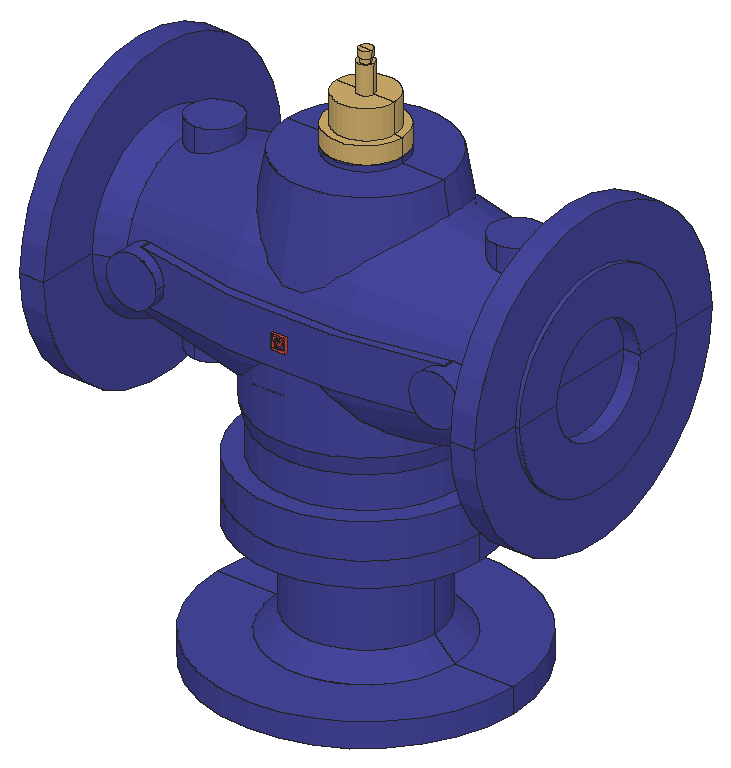
Revit family "Regelventil 4037", category Rohrzubehör, Revit 2019
Family settings
  Bemaßung runder Anschluss = Durchmesser verwenden
  Teiletyp = Unterbricht
  OmniClass-Nummer = 23.65.55.14
  OmniClass-Titel = Valves for Liquid Services
  Arbeitsebenenbasiert = Nein
  Immer vertikal = Ja
  Beim Laden mit Abzugskörper schneiden = Nein
  Gemeinsam genutzt = Nein
Parameters (values of type "kvs63")
  kvs63 = yes
  kvs6.3 = no
  kvs40 = no
  kvs4 = no
  kvs330 = no
  kvs250 = no
  kvs25 = no
  kvs2.5 = no
  kvs160 = no
  kvs16 = no
  kvs100 = no
  kvs10 = no
  kvs1.6 = no
  kvs1 = no
  Ventilsitz = "WN1.4021"  # constant formula
  Ventilkegel = "WN1.4021/Messing"  # constant formula
  Ventilcharakteristik = "gleichprozentig"  # constant formula
  URL = "www.herz-armaturen.at"
  Spindel = "WN1.4404"  # constant formula
  SCTWSEQ = "FW;SBT_TYP_FW=\"101\";3"
  SCTWCODE = "04;05;03"  # constant formula
  SCRNSEQ = "ARM;ARM_TYP=\"MISV\";3"
  SCRNCODE = "05;18;03"  # constant formula
  R14 = 4 mm  # constant formula
  R13 = 3 mm  # constant formula
  R12 = 5 mm  # constant formula
  R11 [instance] = size_lookup("4037_", "R11", 18 mm, Nennweite)  # 18 mm
  R10 [instance] = size_lookup("4037_", "R10", 23 mm, Nennweite)  # 23 mm
  R09 [instance] = size_lookup("4037_", "R9", 49 mm, Nennweite)  # 49 mm
  R08 [instance] = R00 + 3 mm  # 68 mm
  R07 [instance] = size_lookup("4037_", "R7", 15.5 mm, Nennweite)  # 15.5 mm
  R06 [instance] = size_lookup("4037_", "R6", 15.5 mm, Nennweite)  # 15.5 mm
  R05 [instance] = size_lookup("4037_", "R5", 62.5 mm, Nennweite)  # 62.5 mm
  R04 [instance] = size_lookup("4037_", "R4", 59.5 mm, Nennweite)  # 59.5 mm
  R03 [instance] = size_lookup("4037_", "R3", 43 mm, Nennweite)  # 71 mm
  R02 [instance] = size_lookup("4037_", "R2", 43 mm, Nennweite)  # 43 mm
  R01 [instance] = size_lookup("4037_", "R1", 55.5 mm, Nennweite)  # 55.5 mm
  R00 [instance] = size_lookup("4037_", "R", 65 mm, Nennweite)  # 65 mm
  PN = 16  # constant formula
  Nennweite [instance] = 65 mm
  Min. Betriebstemperatur = 5 °C  # constant formula
  Medium = "Wasserbeschaffenheit gemäß ÖNORM H 5195 und VDI 2035."
  Max. Betriebstemperatur = 150 °C  # constant formula
  Max. Betriebsdruck = 1600000.0 Pa  # constant formula
  LO1 [instance] = size_lookup("4037_", "LO1", 28.5 mm, Nennweite)  # 68 mm
  L07 [instance] = L06 - R06  # 94.5 mm
  L06 [instance] = size_lookup("4037_", "L6", 110 mm, Nennweite)  # 110 mm
  L05 [instance] = D00  # 92.5 mm
  L04 = 12.5 mm  # constant formula
  L03 = 10 mm  # constant formula
  L02 [instance] = size_lookup("4037_", "L2", 15 mm, Nennweite)  # 15 mm
  L01 = 3 mm  # constant formula
  L00 [instance] = size_lookup("4037_", "L", 145 mm, Nennweite)  # 145 mm
  Hersteller = "Herz-Armaturen GmbH"  # constant formula
  H16 [instance] = size_lookup("4037_", "H16", 22 mm, Nennweite)  # 22 mm
  H15 = 4 mm  # constant formula
  H14 [instance] = size_lookup("4037_", "H14", 17 mm, Nennweite)  # 17 mm
  H13 [instance] = size_lookup("4037_", "H13", 18 mm, Nennweite)  # 18 mm
  H12 [instance] = size_lookup("4037_", "H12", 10.5 mm, Nennweite)  # 10.5 mm
  H11 [instance] = size_lookup("4037_", "H11", 52.5 mm, Nennweite)  # 52.5 mm
  H10 [instance] = size_lookup("4037_", "H10", 135.4 mm, Nennweite)  # 135.4 mm
  H09 = 3 mm  # constant formula
  H08 [instance] = size_lookup("4037_", "H8", 79 mm, Nennweite)  # 79 mm
  H07 [instance] = R00  # 65 mm
  H06 [instance] = size_lookup("4037_", "H6", 59 mm, Nennweite)  # 59 mm
  H05 [instance] = size_lookup("4037_", "H5", 20 mm, Nennweite)  # 20 mm
  H04 [instance] = size_lookup("4037_", "H4", 17 mm, Nennweite)  # 17 mm
  H02 [instance] = size_lookup("4037_", "H2", 38 mm, Nennweite)  # 38 mm
  H01 [instance] = size_lookup("4037_", "H1", 208 mm, Nennweite)  # 208 mm
  H03 [instance] = size_lookup("4037_", "H3", 112 mm, Nennweite)  # 112 mm
  Gewicht [instance] = size_lookup("4037_", "Gewicht", 25, Nennweite)  # 25
  Gehäuse = "EN-GJL-250 (EN 1561)"  # constant formula
  Dichtungsmaterial = "70EPDM"  # constant formula
  DN80 [instance] = Nennweite = 80 mm  # no
  DN65 [instance] = Nennweite = 65 mm  # yes
  DN50 [instance] = Nennweite = 50 mm  # no
  DN40 [instance] = Nennweite = 40 mm  # no
  DN32 [instance] = Nennweite = 32 mm  # no
  DN25 [instance] = Nennweite = 25 mm  # no
  DN150 [instance] = Nennweite = 150 mm  # no
  DN15 [instance] = Nennweite = 15 mm  # no
  DN125 [instance] = Nennweite = 125 mm  # no
  DN100 [instance] = Nennweite = 100 mm  # no
  D02 [instance] = Nennweite / 2  # 32.5 mm
  D01 [instance] = size_lookup("4037_", "D1", 61 mm, Nennweite)  # 61 mm
  D00 [instance] = size_lookup("4037_", "D", 92.5 mm, Nennweite)  # 92.5 mm
  Bestellnummer [instance] = if(and(kvs1, Nennweite = 15 mm), 403701, if(and(kvs1.6, Nennweite = 15 mm), 403711, if(and(kvs2.5, Nennweite = 15 mm), 403721, if(and(kvs4, Nennweite = 15 mm), 403731, if(and(kvs6.3, Nennweite = 25 mm), 403703, if(and(kvs10, Nennweite = 25 mm), 403713, if(and(kvs16, Nennweite = 32 mm), 403704, if(and(kvs25, Nennweite = 40 mm), 403705, if(and(kvs40, Nennweite = 50 mm), 403706, if(and(kvs63, Nennweite = 65 mm), 403707, if(and(kvs100, Nennweite = 80 mm), 403708, if(and(kvs160, Nennweite = 100 mm), 403709, if(and(kvs250, Nennweite = 125 mm), 403710, if(and(kvs330, Nennweite = 150 mm), 403741, 0))))))))))))))  # 403707
  Anwendungsgebiet = "Das Ventil kann in nahezu allen Heizungs-, Lüftungs- und Klimaanlagen sowie für industrielle und technologische\r\nProzesse eingesetzt werden. Das 3-Wege-Flanschventil ist als Mischventil konzipiert. Es kann zum Mischen oder\r\nzur Umschaltung zwischen zwei eintretenden Mediumsströmen verwendet werden. Die Ventilcharakteristik ist\r\ngleichprozentig. Das Regelungsverhältnis (Verhältnis zwischen nominalem und minimalem Durchfluss) beträgt 30:1. Die\r\nAuswahl des Dreiwege-Flanschventils erfolgt entsprechend dem Diagramm über die kvs-Werte."
  Anschlussflansch = "EN 1092-2"  # constant formula
Types (15, lengths in mm): name | kvs63 | kvs6.3 | kvs40 | kvs4 | kvs330 | kvs250 | kvs25 | kvs2.5 | kvs160 | kvs16 | kvs100 | kvs10 | kvs1.6 | kvs1 | R11 | R10 | R09 | R08 | R07 | R06 | R05 | R04 | R03 | R02 | R01 | R00 | Nennweite | LO1 | L07 | L06 | L05 | L02 | L00 | H16 | H14 | H13 | H12 | H11 | H10 | H08 | H07 | H06 | H05 | H04 | H02 | H01 | H03 | Gewicht | DN80 | DN65 | DN50 | DN40 | DN32 | DN25 | DN150 | DN15 | DN125 | DN100 | D02 | D01 | D00 | Bestellnummer
  (no name) | yes | no | no | no | no | no | no | no | no | no | no | no | no | no | 18 | 23 | 49 | 68 | 15.5 | 15.5 | 62.5 | 59.5 | 71 | 43 | 55.5 | 65 | 65 | 68 | 94.5 | 110 | 92.5 | 15 | 145 | 22 | 17 | 18 | 10.5 | 52.5 | 135.4 | 79 | 65 | 59 | 20 | 17 | 38 | 208 | 112 | 25 | no | yes | no | no | no | no | no | no | no | no | 32.5 | 61 | 92.5 | 403707
  kvs1 | no | no | no | no | no | no | no | no | no | no | no | no | no | yes | 10 | 15 | 19.5 | 29.5 | 6 | 6 | 24 | 21 | 32.5 | 14 | 17 | 26.5 | 15 | 27.5 | 34 | 40 | 47.5 | 11 | 65 | 18 | 13 | 14 | 6.8 | 40.8 | 80.3 | 36.5 | 26.5 | 24.5 | 5 | 13 | 11 | 110 | 49 | 5 | no | no | no | no | no | no | no | yes | no | no | 7.5 | 22.5 | 47.5 | 403701
  kvs1.6 | no | no | no | no | no | no | no | no | no | no | no | no | yes | no | 10 | 15 | 19.5 | 29.5 | 6 | 6 | 24 | 21 | 32.5 | 14 | 17 | 26.5 | 15 | 27.5 | 34 | 40 | 47.5 | 11 | 65 | 18 | 13 | 14 | 6.8 | 40.8 | 80.3 | 36.5 | 26.5 | 24.5 | 5 | 13 | 11 | 110 | 49 | 5 | no | no | no | no | no | no | no | yes | no | no | 7.5 | 22.5 | 47.5 | 403711
  kvs2.5 | no | no | no | no | no | no | no | yes | no | no | no | no | no | no | 10 | 15 | 19.5 | 29.5 | 6 | 6 | 24 | 21 | 32.5 | 14 | 17 | 26.5 | 15 | 27.5 | 34 | 40 | 47.5 | 11 | 65 | 18 | 13 | 14 | 6.8 | 40.8 | 80.3 | 36.5 | 26.5 | 24.5 | 5 | 13 | 11 | 110 | 49 | 5 | no | no | no | no | no | no | no | yes | no | no | 7.5 | 22.5 | 47.5 | 403721
  kvs4 | no | no | no | yes | no | no | no | no | no | no | no | no | no | no | 10 | 15 | 19.5 | 29.5 | 6 | 6 | 24 | 21 | 32.5 | 14 | 17 | 26.5 | 15 | 27.5 | 34 | 40 | 47.5 | 11 | 65 | 18 | 13 | 14 | 6.8 | 40.8 | 80.3 | 36.5 | 26.5 | 24.5 | 5 | 13 | 11 | 110 | 49 | 5 | no | no | no | no | no | no | no | yes | no | no | 7.5 | 22.5 | 47.5 | 403731
  kvs6.3 | no | yes | no | no | no | no | no | no | no | no | no | no | no | no | 10 | 15 | 19.5 | 41 | 7 | 7 | 35.5 | 32.5 | 44 | 19.5 | 28.5 | 38 | 25 | 40 | 45 | 52 | 57.5 | 13 | 80 | 20 | 13 | 14 | 6.8 | 40.8 | 88.3 | 44.5 | 38 | 35 | 5 | 15 | 3 | 121 | 64 | 8 | no | no | no | no | no | yes | no | no | no | no | 12.5 | 34 | 57.5 | 403703
  kvs10 | no | no | no | no | no | no | no | no | no | no | no | yes | no | no | 10 | 15 | 19.5 | 41 | 7 | 7 | 35.5 | 32.5 | 44 | 19.5 | 28.5 | 38 | 25 | 40 | 45 | 52 | 57.5 | 13 | 80 | 20 | 13 | 14 | 6.8 | 40.8 | 88.3 | 44.5 | 38 | 35 | 5 | 15 | 3 | 121 | 64 | 8 | no | no | no | no | no | yes | no | no | no | no | 12.5 | 34 | 57.5 | 403713
  kvs16 | no | no | no | no | no | no | no | no | no | yes | no | no | no | no | 10 | 15 | 20.5 | 46 | 9 | 9 | 40.5 | 37.5 | 49 | 24.5 | 33.5 | 43 | 32 | 45 | 51 | 60 | 70 | 13 | 90 | 20 | 17 | 18 | 10.5 | 52.5 | 102 | 46.5 | 43 | 39 | 15 | 15 | 4 | 142 | 84 | 11.5 | no | no | no | no | yes | no | no | no | no | no | 16 | 39 | 70 | 403704
  kvs25 | no | no | no | no | no | no | yes | no | no | no | no | no | no | no | 10 | 15 | 20.5 | 51 | 12 | 12 | 45.5 | 42.5 | 54 | 29 | 38.5 | 48 | 40 | 50 | 56 | 68 | 75 | 13 | 100 | 20 | 17 | 18 | 10.5 | 52.5 | 112 | 56.5 | 48 | 43 | 20 | 15 | 1 | 149 | 94 | 13 | no | no | no | yes | no | no | no | no | no | no | 20 | 44 | 75 | 403705
  kvs63 | yes | no | no | no | no | no | no | no | no | no | no | no | no | no | 18 | 23 | 49 | 68 | 15.5 | 15.5 | 62.5 | 59.5 | 71 | 43 | 55.5 | 65 | 65 | 68 | 94.5 | 110 | 92.5 | 15 | 145 | 22 | 17 | 18 | 10.5 | 52.5 | 135.4 | 79 | 65 | 59 | 20 | 17 | 38 | 208 | 112 | 25 | no | yes | no | no | no | no | no | no | no | no | 32.5 | 61 | 92.5 | 403707
  kvs100 | no | no | no | no | no | no | no | no | no | no | yes | no | no | no | 18 | 23 | 49 | 76 | 15.5 | 15.5 | 70.5 | 67.5 | 79 | 51 | 63.5 | 73 | 80 | 77 | 99.5 | 115 | 100 | 17 | 155 | 24 | 17 | 18 | 10.5 | 52.5 | 168.5 | 113 | 73 | 65 | 20 | 19 | 46 | 233 | 125 | 31 | yes | no | no | no | no | no | no | no | no | no | 40 | 69 | 100 | 403708
  kvs160 | no | no | no | no | no | no | no | no | yes | no | no | no | no | no | 30 | 35 | 61 | 86 | 20.5 | 20.5 | 80.5 | 77.5 | 89 | 61 | 73.5 | 83 | 100 | 88 | 112.5 | 133 | 110 | 17 | 175 | 24 | 21 | 22 | 14.2 | 64.2 | 189.7 | 122.5 | 83 | 73 | 25 | 19 | 65 | 262 | 135 | 46 | no | no | no | no | no | no | no | no | no | yes | 50 | 79 | 110 | 403709
  kvs250 | no | no | no | no | no | yes | no | no | no | no | no | no | no | no | 30 | 35 | 61 | 101 | 20.5 | 20.5 | 95.5 | 92.5 | 104 | 76 | 88.5 | 98 | 125 | 103 | 134.5 | 155 | 125 | 19 | 200 | 26 | 21 | 22 | 14.2 | 64.2 | 231 | 163.5 | 98 | 80 | 30 | 21 | 44 | 268 | 158 | 72 | no | no | no | no | no | no | no | no | yes | no | 62.5 | 94 | 125 | 403710
  kvs330 | no | no | no | no | yes | no | no | no | no | no | no | no | no | no | 30 | 35 | 61 | 113 | 20.5 | 20.5 | 107.5 | 104.5 | 116 | 88 | 100.5 | 110 | 150 | 115 | 174.5 | 195 | 142.5 | 19 | 240 | 26 | 21 | 22 | 14.2 | 64.2 | 237.5 | 170 | 110 | 85 | 25 | 21 | 42 | 261 | 153 | 91 | no | no | no | no | no | no | yes | no | no | no | 75 | 106 | 142.5 | 403741
  kvs40 | no | no | yes | no | no | no | no | no | no | no | no | no | no | no | 18 | 23 | 49 | 56 | 13.5 | 13.5 | 52.5 | 49.5 | 61 | 34 | 45.5 | 53 | 50 | 56 | 66.5 | 80 | 82.5 | 15 | 115 | 20 | 17 | 18 | 10.5 | 52.5 | 122 | 66.5 | 53 | 43 | 1 | 15 | 42 | 167 | 67 | 16 | no | no | yes | no | no | no | no | no | no | no | 25 | 51 | 82.5 | 403706
Reference planes
  plane 1 "Mitte (Vorne/hinten)": y = 0
  plane 2: z = 0
  plane 3 "Mitte (Links/rechts)": x = 0
Forms (mm)
  Revolve 1, solid, material "kunststoff-BLAU", detail levels fine
    sketch origin (1065, 0, 0) x (1, 0, 0) y (0, 1, 0)
      loop
        line (-1207, 61) -> (-1210, 61) -> (-1210, 32.5) -> (-1200, 32.5) -> (-1200, 0) -> (-930, 0) -> (-930, 32.5) -> (-920, 32.5) -> (-920, 61) -> (-923, 61) -> (-923, 92.5) -> (-938, 92.5) -> (-938, 55.5) -> (-955, 49.943)
        arc (-955, 49.943) -> (-1065, 65) -> (-1175, 49.943) r 409.331
        line (-1175, 49.943) -> (-1192, 55.5) -> (-1192, 92.5) -> (-1207, 92.5) -> (-1207, 61)
      axis (-920, 0) -> (-1210, 0)
    angle from 0 to 360
  Extrusion 2, solid, material "kunststoff-BLAU", detail levels fine
    sketch origin (0, 0, 0) x (-1, 0, 0) y (0, 0, -1)
      loop
        circle (94.5, 0) r 15.5
      loop
        circle (-94.5, 0) r 15.5
    from -65 to 65
  Extrusion 3, solid, material "kunststoff-BLAU", visible <- "DN65", detail levels fine
    sketch origin (0, 0, 0) x (1, 0, 0) y (0, 1, 0)
      loop
        arc (-95, -56.907) -> (0, -68) -> (95, -56.907) r 412.331
        line (95, -56.907) -> (95, 56.907)
        arc (95, 56.907) -> (0, 68) -> (-95, 56.907) r 412.331
        line (-95, 56.907) -> (-95, -56.907)
    from -15.5 to 15.5
  Revolve 4, solid, material "kunststoff-BLAU", detail levels fine
    sketch origin (0, 0, 0) x (1, 0, 0) y (0, 0, 1)
      loop
        line (-49, 79) -> (-62.5, 0) -> (0, 0) -> (0, 82) -> (-23, 82) -> (-23, 79) -> (-49, 79)
      axis (0, 82) -> (0, 0)
    angle from 0 to 360
  Revolve 5, solid, material "kunststoff-BLAU", detail levels fine
    sketch origin (0, 0, 0) x (1, 0, 0) y (0, 0, 1)
      loop
        line (0, 0) -> (-62.5, 0) -> (-62.5, -59) -> (-59.5, -70) -> (-59.5, -90) -> (-71, -90) -> (-71, -112) -> (0, -112) -> (0, 0)
      axis (0, 0) -> (0, -112)
    angle from 0 to 360
  Revolve 6, solid, material "kunststoff-BLAU", detail levels fine
    sketch origin (0, 0, 0) x (1, 0, 0) y (0, 0, 1)
      loop
        line (-61, -205) -> (-61, -208) -> (-32.5, -208) -> (-32.5, -198) -> (0, -198) -> (0, -112) -> (-71, -112) -> (-71, -127) -> (-55.5, -127) -> (-43, -139.5) -> (-43, -177.5) -> (-55.5, -190) -> (-92.5, -190) -> (-92.5, -205) -> (-61, -205)
      axis (0, -112) -> (0, -208)
    angle from 0 to 360
  Extrusion 7, solid, material "kunststoff-BLAU", detail levels fine
    sketch origin (0, 0, 0) x (0, -1, 0) y (1, 0, 0)
      loop
        circle (0, -94.5) r 15.5
      loop
        circle (0, 94.5) r 15.5
    from -65 to 65
  Extrusion 8, solid, material "kunststoff-BLAU", visible <- "DN150", detail levels fine
    sketch origin (0, 0, 0) x (1, 0, 0) y (0, 1, 0)
      loop
        arc (-179.5, -78.475) -> (0, -115) -> (179.5, -78.475) r 459.331
        line (179.5, -78.475) -> (179.5, 78.475)
        arc (179.5, 78.475) -> (0, 115) -> (-179.5, 78.475) r 459.331
        line (-179.5, 78.475) -> (-179.5, -78.475)
    from -20.5 to 20.5
  Extrusion 9, solid, material "kunststoff-BLAU", visible <- "DN125", detail levels fine
    sketch origin (0, 0, 0) x (1, 0, 0) y (0, 1, 0)
      loop
        arc (-134.5, -82.301) -> (0, -103) -> (134.5, -82.301) r 447.331
        line (134.5, -82.301) -> (134.5, 82.301)
        arc (134.5, 82.301) -> (0, 103) -> (-134.5, 82.301) r 447.331
        line (-134.5, 82.301) -> (-134.5, -82.301)
    from -20.5 to 20.5
  Extrusion 10, solid, material "kunststoff-BLAU", visible <- "DN100", detail levels fine
    sketch origin (0, 0, 0) x (1, 0, 0) y (0, 1, 0)
      loop
        arc (-112.5, -73.106) -> (0, -88) -> (112.5, -73.106) r 432.331
        line (112.5, -73.106) -> (112.5, 73.106)
        arc (112.5, 73.106) -> (0, 88) -> (-112.5, 73.106) r 432.331
        line (-112.5, 73.106) -> (-112.5, -73.106)
    from -20.5 to 20.5
  Extrusion 11, solid, material "kunststoff-BLAU", visible <- "DN80", detail levels fine
    sketch origin (0, 0, 0) x (1, 0, 0) y (0, 1, 0)
      loop
        line (99.5, -65.083) -> (99.5, 65.083)
        arc (99.5, 65.083) -> (0, 77) -> (-99.5, 65.083) r 421.331
        line (-99.5, 65.083) -> (-99.5, -65.083)
        arc (-99.5, -65.083) -> (0, -77) -> (99.5, -65.083) r 421.331
    from -15.5 to 15.5
  Extrusion 12, solid, material "kunststoff-BLAU", visible <- "DN50", detail levels fine
    sketch origin (0, 0, 0) x (1, 0, 0) y (0, 1, 0)
      loop
        arc (-66.5, -50.44) -> (0, -56.006) -> (66.5, -50.44) r 400.05
        line (66.5, -50.44) -> (66.5, 50.44)
        arc (66.5, 50.44) -> (0, 56.006) -> (-66.5, 50.44) r 400.05
        line (-66.5, 50.44) -> (-66.5, -50.44)
    from -13.5 to 13.5
  Extrusion 13, solid, material "kunststoff-BLAU", visible <- "DN40", detail levels fine
    sketch origin (0, 0, 0) x (1, 0, 0) y (0, 1, 0)
      loop
        arc (-56, -46.003) -> (0, -50) -> (56, -46.003) r 394.331
        line (56, -46.003) -> (56, 46.003)
        arc (56, 46.003) -> (0, 50) -> (-56, 46.003) r 394.331
        line (-56, 46.003) -> (-56, -46.003)
    from -12 to 12
  Extrusion 14, solid, material "kunststoff-BLAU", visible <- "DN32", detail levels fine
    sketch origin (0, 0, 0) x (1, 0, 0) y (0, 1, 0)
      loop
        arc (-51, -41.645) -> (0, -45) -> (51, -41.645) r 389.331
        line (51, -41.645) -> (51, 41.645)
        arc (51, 41.645) -> (0, 45) -> (-51, 41.645) r 389.331
        line (-51, 41.645) -> (-51, -41.645)
    from -9 to 9
  Extrusion 15, solid, material "kunststoff-BLAU", visible <- "DN25", detail levels fine
    sketch origin (0, 0, 0) x (1, 0, 0) y (0, 1, 0)
      loop
        line (45, -37.356) -> (45, 37.356)
        arc (45, 37.356) -> (0, 40) -> (-45, 37.356) r 384.331
        line (-45, 37.356) -> (-45, -37.356)
        arc (-45, -37.356) -> (0, -40) -> (45, -37.356) r 384.331
    from -7 to 7
  Extrusion 16, solid, material "kunststoff-BLAU", visible <- "DN15", detail levels fine
    sketch origin (0, 0, 0) x (1, 0, 0) y (0, 1, 0)
      loop
        line (-34, 25.942) -> (-34, -25.942)
        arc (-34, -25.942) -> (0, -27.5) -> (34, -25.942) r 371.831
        line (34, -25.942) -> (34, 25.942)
        arc (34, 25.942) -> (0, 27.5) -> (-34, 25.942) r 371.831
    from -6 to 6
  Revolve 17, solid, material "Messing-poliert", detail levels fine
    sketch origin (0, 0, 0) x (1, 0, 0) y (0, 0, 1)
      loop
        line (-23, 93.4) -> (-23, 82.9) -> (0, 82.9) -> (0, 135.4) -> (-4, 135.4) -> (-4, 131.4) -> (-3, 131.4) -> (-3, 128.4) -> (-5, 128.4) -> (-5, 111.4) -> (-18, 111.4) -> (-18, 93.4) -> (-23, 93.4)
      axis (0, 135.4) -> (0, 82.9)
    angle from 0 to 360
Lines and regions (mm)
  model lines, detail levels coarse+medium
    curve 1: line (-145, 0, 92.5) -> (-145, 0, -92.5)
    curve 2: line (-145, 0, -92.5) -> (145, 0, 92.5)
    curve 3: line (145, 0, 92.5) -> (145, 0, -92.5)
    curve 4: line (145, 0, -92.5) -> (-145, 0, 92.5)
    curve 5: line (0, 0, 0) -> (92.5, 0, -208)
    curve 6: line (92.5, 0, -208) -> (-92.5, 0, -208)
    curve 7: line (-92.5, 0, -208) -> (0, 0, 0)
    curve 8: line (-145, 92.5, 0) -> (-145, -92.5, 0)
    curve 9: line (-145, -92.5, 0) -> (145, 92.5, 0)
    curve 10: line (145, 92.5, 0) -> (145, -92.5, 0)
    curve 11: line (145, -92.5, 0) -> (-145, 92.5, 0)
    curve 12: line (0, 0, 0) -> (92.5, -208, 0)
    curve 13: line (92.5, -208, 0) -> (-92.5, -208, 0)
    curve 14: line (-92.5, -208, 0) -> (0, 0, 0)
Dimensions and locks
  "L00": Revolve 1 sketch curve to plane 3 "Mitte (Links/rechts)" to Revolve 1 sketch curve
  "D00": plane 1 "Mitte (Vorne/hinten)" to Revolve 1 sketch curve  (x2)
  "D02": plane 1 "Mitte (Vorne/hinten)" to Revolve 1 sketch curve  (x2)
  "L01": Revolve 1 sketch curve to Revolve 1 sketch curve  (x2)
  "L02": Revolve 1 sketch curve to Revolve 1 sketch curve  (x2)
  "D01": plane 1 "Mitte (Vorne/hinten)" to Revolve 1 sketch curve  (x2)
  "R01": plane 1 "Mitte (Vorne/hinten)" to Revolve 1 sketch curve  (x2)
  "R00": Revolve 1 sketch curve to Revolve 1 sketch curve
  "L03": Revolve 1 sketch curve to Revolve 1 sketch curve  (x2)
  "D02": plane 3 "Mitte (Links/rechts)" to Revolve 6 sketch curve
  "R02": plane 3 "Mitte (Links/rechts)" to Revolve 6 sketch curve
  "R01": plane 3 "Mitte (Links/rechts)" to Revolve 6 sketch curve  (x2)
  "D01": plane 3 "Mitte (Links/rechts)" to Revolve 6 sketch curve
  "D00": plane 3 "Mitte (Links/rechts)" to Revolve 6 sketch curve
  "H01": plane 2 to Revolve 6 sketch curve
  "L01": Revolve 6 sketch curve to Revolve 6 sketch curve
  "L02": Revolve 6 sketch curve to Revolve 6 sketch curve  (x2)
  "L03": Revolve 6 sketch curve to Revolve 6 sketch curve
  "R03": plane 3 "Mitte (Links/rechts)" to Revolve 6 sketch curve
  "L04": Revolve 6 sketch curve to Revolve 6 sketch curve  (x2)
  "R03": Revolve 5 sketch curve to Revolve 5 sketch curve
  "H03": plane 2 to Revolve 5 sketch curve
  "H06": Revolve 5 sketch curve to Revolve 5 sketch curve
  "R04": Revolve 5 sketch curve to Revolve 5 sketch curve
  "R05": Revolve 5 sketch curve to Revolve 5 sketch curve
  "H05": Revolve 5 sketch curve to Revolve 5 sketch curve
  "L06": Revolve 1 sketch curve to plane 3 "Mitte (Links/rechts)" to Revolve 1 sketch curve
  "H03": plane 2 to Revolve 6 sketch curve
  "R09": Revolve 4 sketch curve to Revolve 4 sketch curve
  "R05": Revolve 4 sketch curve to Revolve 4 sketch curve
  "H07": Extrusion 7 to plane 2 to Extrusion 7  (x2)
  "L07": plane 3 "Mitte (Links/rechts)" to Extrusion 7 sketch curve
  "L07": Extrusion 7 sketch curve to plane 3 "Mitte (Links/rechts)"
  "H07": Extrusion 2 to plane 1 "Mitte (Vorne/hinten)"  (x3)
  "L07": plane 3 "Mitte (Links/rechts)" to Extrusion 2 sketch curve
  "L07": Extrusion 2 sketch curve to plane 3 "Mitte (Links/rechts)"
  "H07": plane 1 "Mitte (Vorne/hinten)" to Extrusion 2
  "H08": Revolve 4 sketch curve to plane 2
  "H09": Revolve 4 sketch curve to Revolve 4 sketch curve
  "R10": plane 3 "Mitte (Links/rechts)" to Revolve 4 sketch curve
  "H11": Revolve 17 sketch curve to Revolve 17 sketch curve
  "H10": Revolve 17 sketch curve to plane 2
  "R10": plane 3 "Mitte (Links/rechts)" to Revolve 17 sketch curve
  "H12": Revolve 17 sketch curve to Revolve 17 sketch curve
  "H13": Revolve 17 sketch curve to Revolve 17 sketch curve
  "H14": Revolve 17 sketch curve to Revolve 17 sketch curve
  "H15": Revolve 17 sketch curve to Revolve 17 sketch curve
  "R14": plane 3 "Mitte (Links/rechts)" to Revolve 17 sketch curve
  "R13": plane 3 "Mitte (Links/rechts)" to Revolve 17 sketch curve
  "R11": plane 3 "Mitte (Links/rechts)" to Revolve 17 sketch curve
  "R12": plane 3 "Mitte (Links/rechts)" to Revolve 17 sketch curve
  "LO1": nested 1 to plane 1 "Mitte (Vorne/hinten)"
  "H16": Revolve 5 sketch curve to Revolve 6
  "L00": curve 1 to plane 3 "Mitte (Links/rechts)" to curve 3
  "D00": curve 3 to plane 2 to curve 4
  "D00": curve 4 to plane 2 to curve 2
  "H01": plane 2 to curve 6
  "D00": curve 6 to plane 3 "Mitte (Links/rechts)" to curve 7
  "L00": curve 8 to plane 3 "Mitte (Links/rechts)" to curve 10
  "D00": curve 11 to plane 1 "Mitte (Vorne/hinten)" to curve 10
  "D00": curve 9 to plane 1 "Mitte (Vorne/hinten)" to curve 11
  "H01": curve 13 to plane 1 "Mitte (Vorne/hinten)"
  "D00": curve 14 to plane 3 "Mitte (Links/rechts)" to curve 13
  "R06": radius of Extrusion 7 sketch curve  (x2)
  "R07": radius of Extrusion 2 sketch curve  (x2)
  aligned and locked: level to plane 2
Automatic sketch dimensions
  Extrusion 3 sketch curve to plane 1 "Mitte (Vorne/hinten)" = 56.907 mm  (x2)
  Extrusion 3 sketch curve to plane 3 "Mitte (Links/rechts)" = 0 mm  (x2)
  Extrusion 3 sketch curve to Extrusion 3 sketch curve = 113.814 mm
  Extrusion 3 sketch curve to Extrusion 3 sketch curve = 287.425 mm
  Extrusion 3 sketch curve to plane 1 "Mitte (Vorne/hinten)" = 344.331 mm
  plane 3 "Mitte (Links/rechts)" to Extrusion 3 sketch curve = 95 mm
  Extrusion 8 sketch curve to plane 3 "Mitte (Links/rechts)" = 0 mm  (x2)
  Extrusion 8 sketch curve to plane 1 "Mitte (Vorne/hinten)" = 78.475 mm  (x2)
  plane 1 "Mitte (Vorne/hinten)" to Extrusion 8 sketch curve = 78.475 mm
  Extrusion 8 sketch curve to plane 3 "Mitte (Links/rechts)" = 179.5 mm
  Extrusion 8 sketch curve to Extrusion 8 sketch curve = 265.857 mm
  Extrusion 8 sketch curve to plane 1 "Mitte (Vorne/hinten)" = 344.331 mm
  plane 3 "Mitte (Links/rechts)" to Extrusion 9 sketch curve = 134.5 mm
  plane 1 "Mitte (Vorne/hinten)" to Extrusion 9 sketch curve = 82.301 mm  (x2)
  Extrusion 9 sketch curve to plane 3 "Mitte (Links/rechts)" = 0 mm  (x2)
  Extrusion 9 sketch curve to Extrusion 9 sketch curve = 262.031 mm  (x2)
  Extrusion 9 sketch curve to plane 1 "Mitte (Vorne/hinten)" = 82.301 mm
  Extrusion 10 sketch curve to plane 3 "Mitte (Links/rechts)" = 0 mm  (x2)
  plane 1 "Mitte (Vorne/hinten)" to Extrusion 10 sketch curve = 73.106 mm
  Extrusion 10 sketch curve to plane 3 "Mitte (Links/rechts)" = 112.5 mm
  Extrusion 10 sketch curve to Extrusion 10 sketch curve = 271.225 mm
  Extrusion 10 sketch curve to plane 1 "Mitte (Vorne/hinten)" = 344.331 mm
  Extrusion 10 sketch curve to plane 1 "Mitte (Vorne/hinten)" = 73.106 mm  (x2)
  Extrusion 11 sketch curve to plane 3 "Mitte (Links/rechts)" = 0 mm  (x2)
  plane 1 "Mitte (Vorne/hinten)" to Extrusion 11 sketch curve = 65.083 mm  (x2)
  Extrusion 11 sketch curve to plane 3 "Mitte (Links/rechts)" = 99.5 mm
  Extrusion 11 sketch curve to Extrusion 11 sketch curve = 279.249 mm
  Extrusion 11 sketch curve to plane 1 "Mitte (Vorne/hinten)" = 344.331 mm
  Extrusion 11 sketch curve to plane 1 "Mitte (Vorne/hinten)" = 65.083 mm
  Extrusion 12 sketch curve to plane 3 "Mitte (Links/rechts)" = 0 mm  (x2)
  Extrusion 12 sketch curve to plane 3 "Mitte (Links/rechts)" = 66.5 mm
  plane 3 "Mitte (Links/rechts)" to Extrusion 12 sketch curve = 66.5 mm
  plane 1 "Mitte (Vorne/hinten)" to Extrusion 12 sketch curve = 344.044 mm
  plane 1 "Mitte (Vorne/hinten)" to Extrusion 12 sketch curve = 50.44 mm
  Extrusion 12 sketch curve to plane 1 "Mitte (Vorne/hinten)" = 50.44 mm
  Extrusion 12 sketch curve to Extrusion 12 sketch curve = 293.604 mm
  Extrusion 13 sketch curve to plane 3 "Mitte (Links/rechts)" = 0 mm  (x2)
  Extrusion 13 sketch curve to plane 3 "Mitte (Links/rechts)" = 56 mm
  plane 3 "Mitte (Links/rechts)" to Extrusion 13 sketch curve = 56 mm
  plane 1 "Mitte (Vorne/hinten)" to Extrusion 13 sketch curve = 344.331 mm
  plane 1 "Mitte (Vorne/hinten)" to Extrusion 13 sketch curve = 46.003 mm
  Extrusion 13 sketch curve to plane 1 "Mitte (Vorne/hinten)" = 46.003 mm
  Extrusion 13 sketch curve to Extrusion 13 sketch curve = 298.328 mm
  Extrusion 14 sketch curve to plane 3 "Mitte (Links/rechts)" = 0 mm  (x2)
  Extrusion 14 sketch curve to plane 3 "Mitte (Links/rechts)" = 51 mm
  plane 3 "Mitte (Links/rechts)" to Extrusion 14 sketch curve = 51 mm
  plane 1 "Mitte (Vorne/hinten)" to Extrusion 14 sketch curve = 344.331 mm
  plane 1 "Mitte (Vorne/hinten)" to Extrusion 14 sketch curve = 41.645 mm
  Extrusion 14 sketch curve to plane 1 "Mitte (Vorne/hinten)" = 41.645 mm
  Extrusion 14 sketch curve to Extrusion 14 sketch curve = 302.686 mm
  Extrusion 15 sketch curve to plane 3 "Mitte (Links/rechts)" = 0 mm  (x2)
  Extrusion 15 sketch curve to plane 3 "Mitte (Links/rechts)" = 45 mm
  plane 3 "Mitte (Links/rechts)" to Extrusion 15 sketch curve = 45 mm
  plane 1 "Mitte (Vorne/hinten)" to Extrusion 15 sketch curve = 344.331 mm
  plane 1 "Mitte (Vorne/hinten)" to Extrusion 15 sketch curve = 37.356 mm
  Extrusion 15 sketch curve to plane 1 "Mitte (Vorne/hinten)" = 37.356 mm
  Extrusion 15 sketch curve to Extrusion 15 sketch curve = 306.975 mm
  Extrusion 16 sketch curve to plane 3 "Mitte (Links/rechts)" = 0 mm  (x2)
  Extrusion 16 sketch curve to plane 3 "Mitte (Links/rechts)" = 34 mm
  plane 3 "Mitte (Links/rechts)" to Extrusion 16 sketch curve = 34 mm
  plane 1 "Mitte (Vorne/hinten)" to Extrusion 16 sketch curve = 344.331 mm
  plane 1 "Mitte (Vorne/hinten)" to Extrusion 16 sketch curve = 25.942 mm
  Extrusion 16 sketch curve to plane 1 "Mitte (Vorne/hinten)" = 25.942 mm
  Extrusion 16 sketch curve to Extrusion 16 sketch curve = 318.389 mm
  curve 5 to level = 0 mm
  plane 1 "Mitte (Vorne/hinten)" to curve 12 = 0 mm
  Revolve 1 sketch curve to plane 1 "Mitte (Vorne/hinten)" = 0 mm
  Revolve 1 sketch curve to plane 3 "Mitte (Links/rechts)" = 0 mm
  plane 1 "Mitte (Vorne/hinten)" to Revolve 1 sketch curve = 0 mm
  plane 1 "Mitte (Vorne/hinten)" to Revolve 1 sketch curve = 344.331 mm
  Revolve 1 sketch curve to Revolve 1 sketch curve = 1855 mm  (x2)
  Extrusion 2 sketch curve to level = 0 mm  (x2)
  Revolve 4 sketch curve to level = 0 mm
  Revolve 4 sketch curve to plane 3 "Mitte (Links/rechts)" = 0 mm  (x2)
  Revolve 4 sketch curve to Revolve 4 sketch curve = 366.045 mm
  Revolve 4 sketch curve to Revolve 4 sketch curve = 2132.315 mm
  Revolve 5 sketch curve to level = 0 mm
  Revolve 5 sketch curve to plane 3 "Mitte (Links/rechts)" = 0 mm  (x2)
  Revolve 5 sketch curve to Revolve 5 sketch curve = 254.045 mm
  level to Revolve 5 sketch curve = 2214.315 mm
  Revolve 6 sketch curve to plane 3 "Mitte (Links/rechts)" = 0 mm  (x2)
  Revolve 6 sketch curve to Revolve 6 sketch curve = 158.045 mm
  level to Revolve 6 sketch curve = 2214.315 mm
  plane 1 "Mitte (Vorne/hinten)" to Extrusion 7 sketch curve = 0 mm  (x2)
  Revolve 17 sketch curve to plane 3 "Mitte (Links/rechts)" = 0 mm  (x2)
  Revolve 17 sketch curve to level = 366.045 mm
  Revolve 17 sketch curve to Revolve 17 sketch curve = 2079.815 mm
Nested families
  nested 1: "Herz-Logo-vorne" at (-0.018, -68, 0) x (0, 1, 0) z (0, 0, 1), type "Herz-Logo-vorne", detail levels fine
Connectors
  piping at (-145, 0, 0), diameter 65, driven by "Nennweite"
    settings: on Revolve 1, index 1, connector inside diameter 609.6 mm, connector length 0 mm, flow factor 0, pipe flow 0.0 L/s, pressure drop 0.0 Pa, fitting loss kfactor 0, connector angle 0.00°, fixture units 0, engagement length 0 mm, angle of deflection 0.00°, flow configuration 0, flow direction 1, fitting loss method 0, system type 29, joint type 0, gender type 0, connector reference index -1, connector utility 0, adjustable connector no, is connector primary yes, connector description ""
  piping at (145, 0, 0), diameter 65, driven by "Nennweite"
    settings: on Revolve 1, index 2, connector inside diameter 609.6 mm, connector length 0 mm, flow factor 0, pipe flow 0.0 L/s, pressure drop 0.0 Pa, fitting loss kfactor 0, connector angle 0.00°, fixture units 0, engagement length 0 mm, angle of deflection 0.00°, flow configuration 0, flow direction 2, fitting loss method 0, system type 29, joint type 0, gender type 0, connector reference index -1, connector utility 0, adjustable connector no, is connector primary no, connector description ""
  piping at (0, 0, -208), diameter 65, driven by "Nennweite"
    settings: on Revolve 6, index 3, connector inside diameter 609.6 mm, connector length 0 mm, flow factor 0, pipe flow 0.0 L/s, pressure drop 0.0 Pa, fitting loss kfactor 0, connector angle 0.00°, fixture units 0, engagement length 0 mm, angle of deflection 0.00°, flow configuration 0, flow direction 1, fitting loss method 0, system type 29, joint type 0, gender type 0, connector reference index -1, connector utility 0, adjustable connector no, is connector primary no, connector description ""
Definition of nested family "Herz-Logo-vorne"
  Reference planes
    plane 1 "Mitte (Vorne/hinten)": y = 0
    plane 2: z = 0
    plane 3 "Mitte (Links/rechts)": x = 0
  Forms (mm)
    Extrusion 1, solid
      sketch origin (0.732, -0.018, 0.017) x (0, -1, 0) y (0, 0, 1)
        loop
          line (-0.018, -4.517) -> (4.482, -4.517) -> (4.482, 4.483) -> (-4.518, 4.483) -> (-4.518, -4.517) -> (-0.018, -4.517)
        loop
          line (-0.05, -3.48) -> (3.482, -3.48) -> (3.482, 3.483) -> (-3.518, 3.483) -> (-3.518, -3.48) -> (-0.05, -3.48)
        loop
          arc (-0.018, 2.383) -> (-1.543, 3.287) -> (-3.067, 2.383) r 1.738
          arc (-3.067, 2.383) -> (-3.191, 1.899) -> (-3.067, 1.415) r 1.009
          line (-3.067, 1.415) -> (-0.018, -3.281) -> (3.032, 1.415)
          arc (3.032, 1.415) -> (3.156, 1.899) -> (3.032, 2.383) r 1.009
          arc (3.032, 2.383) -> (1.507, 3.287) -> (-0.018, 2.383) r 1.738
        loop
          arc (1.885, 1.272) -> (2.005, 1.675) -> (1.885, 2.079) r 0.74
          arc (1.885, 2.079) -> (1.265, 2.416) -> (0.644, 2.079) r 0.74
          line (0.644, 2.079) -> (-0.018, 0.97) -> (-0.679, 2.079)
          arc (-0.679, 2.079) -> (-1.3, 2.416) -> (-1.921, 2.079) r 0.74
          arc (-1.921, 2.079) -> (-2.04, 1.675) -> (-1.921, 1.272) r 0.74
          line (-1.921, 1.272) -> (-0.018, -1.658) -> (1.885, 1.272)
      from 0 to 1.5
  Dimensions and locks
    aligned and locked: level to plane 2
